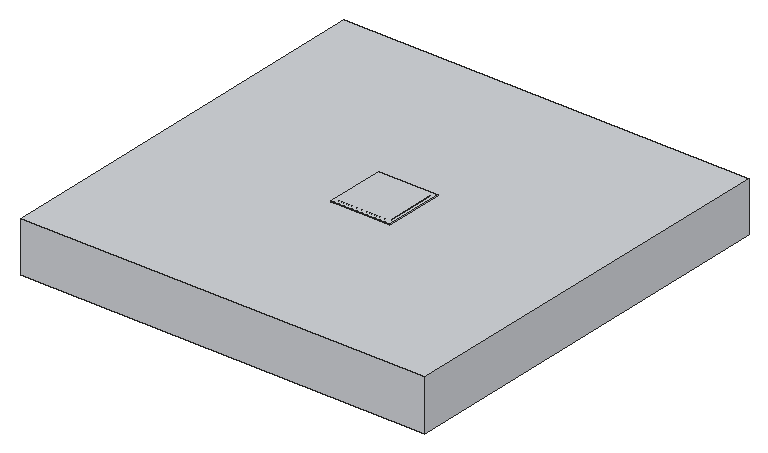
Revit family "Difusor de suprimento e retorno com Plenum combinado - Hospedado", category Terminais de ar, Revit 2019
Family settings
  Hospedeiro = Face
  Cota do conector redondo = Usar raio
  Tipo de parte = Normal
  Corte com vazios quando carregada = Não
  Compartilhado = Não
  Ponto de cálculo do ambiente = Não
Parameters (values of type "Padrão")
  UpFlowArrow [instance] = yes
  Altura total = 318 mm
  Comprimento do macho de torneira = 25 mm
  Altura de conexão da torneira = 200 mm
  RightFlowArrow [instance] = yes
  Queda de pressão [instance] = 0.0 Pa
  Largura da lâmina 4 = Largura da grelha * 4 / 5  # 284.8 mm
  Largura da lâmina 3 = Largura da grelha * 3 / 5  # 213.6 mm
  Largura da lâmina 2 = Largura da grelha * 2 / 5  # 142.4 mm
  Largura da lâmina 1 = Largura da grelha * 1 / 5  # 71.2 mm
  LeftFlowArrow [instance] = yes
  Largura da grelha = 356 mm
  Fluxo [instance] = 0.0 L/s
  Raio do duto = 75 mm
  Diâmetro do duto = Raio do duto * 2  # 150 mm
  DownFlowArrow [instance] = yes
  Largura do plenum = 249 mm
  Largura do difusor = Largura do plenum + 55 mm  # 304 mm
  Material do difusor = none
  Altura do difusor = 40 mm
  Elevação-padrão = 1200 mm
Reference planes
  plane 1 "Centro (frente/trás)": y = 0
  plane 2: z = 0
  plane 3 "Centro (direita/esquerda)": x = 0
  plane 4 "Direita superior do difusor": x = 124.5
  plane 5 "Esquerda superior do difusor": x = -124.5
  plane 6 "Traseira superior do difusor": y = 124.5
  plane 7 "Frente superior do difusor": y = -124.5
  plane 8 "Direita": x = 152
  plane 9 "Esquerda": x = -152
  plane 10 "Parte posterior": y = 152
  plane 11 "Parte frontal": y = -152
  plane 12 "Superior": z = 0
  plane 13 "Traseira da grelha": y = 178
  plane 14 "Frente da grelha": y = -178
  plane 15 "Direita da grelha": x = 178
  plane 16 "Esquerda da grelha": x = -178
  plane 17 "Parte inferior do difusor": z = -35
  plane 18 "Face da grelha": z = 5
  plane 19 "Traseira a lâmina 1": y = 35.6
  plane 20 "Frente da lâmina 1": y = -35.6
  plane 21 "Esquerda da lâmina 1": x = -35.6
  plane 22 "Direita da lâmina 1": x = 35.6
  plane 23 "Esquerda da lâmina 2": x = -71.2
  plane 24 "Direita da lâmina 2": x = 71.2
  plane 25 "Traseira da lâmina 2": y = 71.2
  plane 26 "Frente da lâmina 2": y = -71.2
  plane 27 "Esquerda da lâmina 3": x = -106.8
  plane 28 "Direita da lâmina 3": x = 106.8
  plane 29 "Traseira da lâmina 3": y = 106.8
  plane 30 "Frente da lâmina 3": y = -106.8
  plane 31 "Traseira da lâmina 4": y = 142.4
  plane 32 "Frente da lâmina 4": y = -142.4
  plane 33: x = -142.4
  plane 34: x = 142.4
  plane 35 "Inferior": z = -313
  plane 36 "Torneira direita": x = 149.5
  plane 37 "Torneira esquerda": x = -149.5
  plane 38 "Altura de conexão da torneira": z = -195
Forms (mm)
  Extrusion 1, solid
    sketch origin (0, 0, 0) x (1, 0, 0) y (0, 1, 0)
      loop
        line (-1218, 1219.2) -> (-1218, -1219.2) -> (1218, -1219.2) -> (1218, 1219.2) -> (-1218, 1219.2)
    from 0 to -304.8
  Extrusion 2, solid, material <- "Material do difusor"
    sketch origin (0, 0, 5) x (-1, 0, 0) y (0, -1, 0)
      loop
        line (178, -178) -> (178, 178) -> (-178, 178) -> (-178, -178) -> (178, -178)
    from 0 to -5
  Blend 3, solid, material <- "Material do difusor"
    base sketch origin (0, 0, 0) x (-1, 0, 0) y (0, -1, 0)
      loop
        line (152, -152) -> (152, 152) -> (-152, 152) -> (-152, -152) -> (152, -152)
    top sketch origin (0, 0, 0) x (-1, 0, 0) y (0, -1, 0)
      loop
        line (124.5, -124.5) -> (124.5, 124.5) -> (-124.5, 124.5) -> (-124.5, -124.5) -> (124.5, -124.5)
    from 0 to -35
  Extrusion 4, solid, material <- "Material do difusor"
    sketch origin (0, 0, -35) x (-1, 0, 0) y (0, -1, 0)
      loop
        line (124.5, -124.5) -> (124.5, 124.5) -> (-124.5, 124.5) -> (-124.5, -124.5) -> (124.5, -124.5)
    from 0 to -278
  Extrusion 5, solid, material <- "Material do difusor"
    sketch origin (0, 0, 0) x (0, 1, 0) y (0, 0, 1)
      loop
        circle (0, -195) r 75
    from 124.5 to 149.5
  Extrusion 6, solid, material <- "Material do difusor"
    sketch origin (0, 0, 0) x (0, 1, 0) y (0, 0, -1)
      loop
        circle (0, 195) r 75
    from 124.5 to 149.5
Lines and regions (mm)
  symbolic lines
    curve 1: line (-152, 152, 0) -> (152, -152, 0)
    curve 2: line (152, 152, 0) -> (-152, -152, 0)
    curve 3: line (-152, 152, 0) -> (152, 152, 0)
    curve 4: line (-152, -152, 0) -> (-152, 152, 0)
    curve 5: line (152, -152, 0) -> (-152, -152, 0)
    curve 6: line (152, 152, 0) -> (152, -152, 0)
  model lines
    curve 7: line (-35.6, 35.6, 5) -> (35.6, 35.6, 5)
    curve 8: line (-35.6, -35.6, 5) -> (-35.6, 35.6, 5)
    curve 9: line (35.6, -35.6, 5) -> (-35.6, -35.6, 5)
    curve 10: line (35.6, 35.6, 5) -> (35.6, -35.6, 5)
    curve 11: line (-71.2, 71.2, 5) -> (71.2, 71.2, 5)
    curve 12: line (-71.2, -71.2, 5) -> (-71.2, 71.2, 5)
    curve 13: line (71.2, -71.2, 5) -> (-71.2, -71.2, 5)
    curve 14: line (71.2, 71.2, 5) -> (71.2, -71.2, 5)
    curve 15: line (-106.8, 106.8, 5) -> (106.8, 106.8, 5)
    curve 16: line (-106.8, -106.8, 5) -> (-106.8, 106.8, 5)
    curve 17: line (106.8, -106.8, 5) -> (-106.8, -106.8, 5)
    curve 18: line (106.8, 106.8, 5) -> (106.8, -106.8, 5)
    curve 19: line (-142.4, 142.4, 5) -> (142.4, 142.4, 5)
    curve 20: line (-142.4, -142.4, 5) -> (-142.4, 142.4, 5)
    curve 21: line (142.4, -142.4, 5) -> (-142.4, -142.4, 5)
    curve 22: line (142.4, 142.4, 5) -> (142.4, -142.4, 5)
Dimensions and locks
  equal spacing: plane 9 "Esquerda", plane 3 "Centro (direita/esquerda)", plane 8 "Direita"
  "Largura do difusor": plane 9 "Esquerda" to plane 8 "Direita"
  equal spacing: plane 11 "Parte frontal", plane 1 "Centro (frente/trás)", plane 10 "Parte posterior"
  "Largura do difusor": plane 11 "Parte frontal" to plane 10 "Parte posterior"
  "Largura do difusor": nested 1 to plane 3 "Centro (direita/esquerda)"
  "Largura do difusor": plane 3 "Centro (direita/esquerda)" to nested 2
  "Largura do difusor": nested 4 to plane 1 "Centro (frente/trás)"
  "Largura do difusor": nested 3 to plane 1 "Centro (frente/trás)"
  equal spacing: plane 5 "Esquerda superior do difusor", plane 3 "Centro (direita/esquerda)", plane 4 "Direita superior do difusor"
  "Largura do plenum": plane 5 "Esquerda superior do difusor" to plane 4 "Direita superior do difusor"
  equal spacing: plane 7 "Frente superior do difusor", plane 1 "Centro (frente/trás)", plane 6 "Traseira superior do difusor"
  "Largura do plenum": plane 7 "Frente superior do difusor" to plane 6 "Traseira superior do difusor"
  equal spacing: plane 14 "Frente da grelha", plane 1 "Centro (frente/trás)", plane 13 "Traseira da grelha"
  "Largura da grelha": plane 14 "Frente da grelha" to plane 13 "Traseira da grelha"
  equal spacing: plane 16 "Esquerda da grelha", plane 3 "Centro (direita/esquerda)", plane 15 "Direita da grelha"
  "Largura da grelha": plane 16 "Esquerda da grelha" to plane 15 "Direita da grelha"
  "Altura do difusor": plane 18 "Face da grelha" to plane 17 "Parte inferior do difusor"
  locked: plane 18 "Face da grelha" to plane 12 "Superior" at 5
  equal spacing: plane 21 "Esquerda da lâmina 1", plane 3 "Centro (direita/esquerda)", plane 22 "Direita da lâmina 1"
  "Largura da lâmina 1": plane 21 "Esquerda da lâmina 1" to plane 22 "Direita da lâmina 1"
  equal spacing: plane 20 "Frente da lâmina 1", plane 1 "Centro (frente/trás)", plane 19 "Traseira a lâmina 1"
  "Largura da lâmina 1": plane 19 "Traseira a lâmina 1" to plane 20 "Frente da lâmina 1"
  "Largura da lâmina 2": plane 23 "Esquerda da lâmina 2" to plane 24 "Direita da lâmina 2"
  equal spacing: plane 23 "Esquerda da lâmina 2", plane 3 "Centro (direita/esquerda)", plane 24 "Direita da lâmina 2"
  "Largura da lâmina 2": plane 25 "Traseira da lâmina 2" to plane 26 "Frente da lâmina 2"
  equal spacing: plane 25 "Traseira da lâmina 2", plane 1 "Centro (frente/trás)", plane 26 "Frente da lâmina 2"
  "Largura da lâmina 3": plane 27 "Esquerda da lâmina 3" to plane 28 "Direita da lâmina 3"
  equal spacing: plane 27 "Esquerda da lâmina 3", plane 3 "Centro (direita/esquerda)", plane 28 "Direita da lâmina 3"
  equal spacing: plane 29 "Traseira da lâmina 3", plane 1 "Centro (frente/trás)", plane 30 "Frente da lâmina 3"
  "Largura da lâmina 3": plane 29 "Traseira da lâmina 3" to plane 30 "Frente da lâmina 3"
  equal spacing: plane 31 "Traseira da lâmina 4", plane 1 "Centro (frente/trás)", plane 32 "Frente da lâmina 4"
  "Largura da lâmina 4": plane 31 "Traseira da lâmina 4" to plane 32 "Frente da lâmina 4"
  equal spacing: plane 33, plane 3 "Centro (direita/esquerda)", plane 34
  "Largura da lâmina 4": plane 33 to plane 34
  "Altura total": plane 18 "Face da grelha" to plane 35 "Inferior"
  "Comprimento do macho de torneira": plane 36 "Torneira direita" to plane 4 "Direita superior do difusor"
  "Comprimento do macho de torneira": plane 5 "Esquerda superior do difusor" to plane 37 "Torneira esquerda"
  "Altura de conexão da torneira": plane 18 "Face da grelha" to plane 38 "Altura de conexão da torneira"
  "Raio do duto": radius of Extrusion 5 sketch curve
  "Raio do duto": radius of Extrusion 6 sketch curve
  aligned and locked: plane 2 to Extrusion 1
  aligned and locked: level to Extrusion 1
  aligned and locked: plane 11 "Parte frontal" to curve 2
  aligned and locked: plane 9 "Esquerda" to curve 2
  aligned and locked: plane 10 "Parte posterior" to curve 1
  aligned and locked: plane 9 "Esquerda" to curve 1
  aligned and locked: plane 8 "Direita" to curve 2
  aligned and locked: plane 10 "Parte posterior" to curve 2
  aligned and locked: plane 11 "Parte frontal" to curve 1
  aligned and locked: plane 8 "Direita" to curve 1
  aligned and locked: nested 1 to plane 1 "Centro (frente/trás)"
  aligned and locked: plane 1 "Centro (frente/trás)" to nested 2
  aligned and locked: nested 3 to plane 3 "Centro (direita/esquerda)"
  aligned and locked: plane 3 "Centro (direita/esquerda)" to nested 4
  aligned and locked: plane 2 to plane 12 "Superior"
  aligned and locked: Extrusion 2 sketch curve to plane 16 "Esquerda da grelha"
  aligned and locked: plane 14 "Frente da grelha" to Extrusion 2 sketch curve
  aligned and locked: Extrusion 2 sketch curve to plane 15 "Direita da grelha"
  aligned and locked: plane 13 "Traseira da grelha" to Extrusion 2 sketch curve
  aligned and locked: Extrusion 2 to plane 18 "Face da grelha"
  aligned and locked: Extrusion 2 to plane 12 "Superior"
  aligned and locked: Blend 3 sketch curve to plane 9 "Esquerda"
  aligned and locked: plane 10 "Parte posterior" to Blend 3 sketch curve
  aligned and locked: Blend 3 sketch curve to plane 8 "Direita"
  aligned and locked: plane 11 "Parte frontal" to Blend 3 sketch curve
  aligned and locked: plane 6 "Traseira superior do difusor" to Blend 3 sketch curve
  aligned and locked: Blend 3 sketch curve to plane 5 "Esquerda superior do difusor"
  aligned and locked: plane 7 "Frente superior do difusor" to Blend 3 sketch curve
  aligned and locked: Blend 3 sketch curve to plane 4 "Direita superior do difusor"
  aligned and locked: Blend 3 to plane 12 "Superior"
  aligned and locked: Blend 3 to plane 17 "Parte inferior do difusor"
  aligned and locked: curve 9 to plane 20 "Frente da lâmina 1"
  aligned and locked: plane 19 "Traseira a lâmina 1" to curve 7
  aligned and locked: curve 8 to plane 21 "Esquerda da lâmina 1"
  aligned and locked: plane 22 "Direita da lâmina 1" to curve 10
  aligned and locked: curve 13 to plane 26 "Frente da lâmina 2"
  aligned and locked: plane 25 "Traseira da lâmina 2" to curve 11
  aligned and locked: curve 12 to plane 23 "Esquerda da lâmina 2"
  aligned and locked: plane 24 "Direita da lâmina 2" to curve 14
  aligned and locked: curve 17 to plane 30 "Frente da lâmina 3"
  aligned and locked: plane 29 "Traseira da lâmina 3" to curve 15
  aligned and locked: curve 16 to plane 27 "Esquerda da lâmina 3"
  aligned and locked: plane 28 "Direita da lâmina 3" to curve 18
  aligned and locked: curve 21 to plane 32 "Frente da lâmina 4"
  aligned and locked: plane 33 to curve 20
  aligned and locked: curve 22 to plane 34
  aligned and locked: plane 31 "Traseira da lâmina 4" to curve 19
  aligned and locked: Extrusion 4 sketch curve to plane 5 "Esquerda superior do difusor"
  aligned and locked: plane 6 "Traseira superior do difusor" to Extrusion 4 sketch curve
  aligned and locked: Extrusion 4 sketch curve to plane 4 "Direita superior do difusor"
  aligned and locked: plane 7 "Frente superior do difusor" to Extrusion 4 sketch curve
  aligned and locked: Extrusion 4 to plane 17 "Parte inferior do difusor"
  aligned and locked: Extrusion 4 to plane 35 "Inferior"
  aligned and locked: plane 38 "Altura de conexão da torneira" to Extrusion 5 sketch curve
  aligned and locked: plane 1 "Centro (frente/trás)" to Extrusion 5 sketch curve
  aligned and locked: Extrusion 5 to plane 4 "Direita superior do difusor"
  aligned and locked: Extrusion 5 to plane 36 "Torneira direita"
  aligned and locked: Extrusion 6 to plane 5 "Esquerda superior do difusor"
  aligned and locked: Extrusion 6 to plane 37 "Torneira esquerda"
Automatic sketch dimensions
  Extrusion 1 sketch curve to Extrusion 1 sketch curve = 2436 mm
  Extrusion 1 sketch curve to Extrusion 1 sketch curve = 2438.4 mm
  Extrusion 6 sketch curve to plane 1 "Centro (frente/trás)" = 0 mm
  Extrusion 6 sketch curve to plane 38 "Altura de conexão da torneira" = 0 mm
Nested families
  nested 1: "Seta do terminal do duto" at (-304, 0, 0) x (-1, 0, 0) z (0, 0, 1), visible <- "LeftFlowArrow", type "Seta do terminal do duto"
  nested 2: "Seta do terminal do duto" at (304, 0, 0), visible <- "RightFlowArrow", type "Seta do terminal do duto"
  nested 3: "Seta do terminal do duto" at (0, -304, 0) x (0, 1, 0) z (0, 0, 1), visible <- "UpFlowArrow", type "Seta do terminal de duto 2"
  nested 4: "Seta do terminal do duto" at (0, 304, 0) x (0, -1, 0) z (0, 0, 1), visible <- "DownFlowArrow", type "Seta do terminal de duto 2"
Connectors
  hvac at (149.5, 0, -195), driven by "Queda de pressão", driven by "Fluxo", driven by "Raio do duto"
    settings: on Extrusion 5, index 1, duct flow 0.0 L/s, flow factor 0, pres drop 0.0 Pa, loss coef 0, conn angle 0.00°, conn width 304.8 mm, conn height 304.8 mm, conn diameter 150 mm, duct sys type 2, conn prof type 0, flow config 1, flow direction 2, loss method 4, conn ref index -1, conn util no, is conn primary yes, conn desc "Saída de ar"
  hvac at (-149.5, 0, -195), driven by "Queda de pressão", driven by "Fluxo", driven by "Raio do duto"
    settings: on Extrusion 6, index 2, duct flow 0.0 L/s, flow factor 0, pres drop 0.0 Pa, loss coef 0, conn angle 0.00°, conn width 304.8 mm, conn height 304.8 mm, conn diameter 150 mm, duct sys type 1, conn prof type 0, flow config 1, flow direction 1, loss method 4, conn ref index -1, conn util no, is conn primary no, conn desc "Entrada de ar"
Definition of nested family "Seta do terminal do duto"
  Parameters
    Largura = 600 mm
    Visibilidade 1 = yes
    Visibilidade 2 = no
    Comprimento 4 = (Meio comprimento 1 - Comprimento 5 * sin(20.00°) * 4) / 2  # 70.515 mm
    Comprimento 5 = Comprimento 2 * tan(20.00°)  # 116.199 mm
    Comprimento 3 = Comprimento 2 * 0.5  # 159.627 mm
    Comprimento 2 = Meio comprimento 1 / cos(20.00°)  # 319.253 mm
    Comprimento 1 = if(Altura > Largura, Altura, Largura)  # 600 mm
    Altura = 600 mm
    Meio comprimento 1 = Comprimento 1 * 0.5  # 300 mm
    Assembly Code = ""
  Reference planes
    plane 1 "Centro (Frente/Trás)": y = 0
    plane 2: z = 0
    plane 3 "Centro (Esquerda/Direita)": x = 0
  Lines and regions (mm)
    Filled region 1, type "Tijolo", in view "Nível de referência", visible <- "Visibilidade 1"
      outline origin (0, 0, 0) x (1, 0, 0) y (0, 1, 0)
        loop
          line (600, 0) -> (300, 109.191) -> (300, -109.191) -> (600, 0)
    Filled region 2, type "Preenchimento sólido - Preto", in view "Nível de referência", visible <- "Visibilidade 2"
      outline origin (0, 0, 0) x (1, 0, 0) y (0, 1, 0)
        loop
          line (-300, 109.191) -> (-300, -109.191) -> (0, 0) -> (-300, 109.191)
    detail lines, in view "Nível de referência", visible <- "Visibilidade 1"
      curve 1: line (0, 0, 0) -> (600, 0, 0)
      curve 2: line (600, 0, 0) -> (300, 109.191, 0)
      curve 3: line (600, 0, 0) -> (300, -109.191, 0)
      curve 4: line (300, 109.191, 0) -> (300, -109.191, 0)
    detail lines, in view "Nível de referência", visible <- "Visibilidade 2"
      curve 5: line (-300, 0, 0) -> (0, 0, 0)
      curve 6: line (0, 0, 0) -> (-300, 109.191, 0)
      curve 7: line (0, 0, 0) -> (-300, -109.191, 0)
      curve 8: line (-300, 109.191, 0) -> (-300, -109.191, 0)
      curve 9: line (-300, 0, 0) -> (-370.515, 0, 0)
      curve 10: line (-370.515, 0, 0) -> (-410.258, 109.191, 0)
      curve 11: line (-450, 0, 0) -> (-410.258, 109.191, 0)
      curve 12: line (-450, 0, 0) -> (-489.742, -109.191, 0)
      curve 13: line (-529.485, 0, 0) -> (-489.742, -109.191, 0)
      curve 14: line (-529.485, 0, 0) -> (-600, 0, 0)
  Dimensions and locks
    "Comprimento 1": curve 1 to curve 1
    "Comprimento 2": curve 2 to curve 2
    "Comprimento 2": curve 3 to curve 3
    "Meio comprimento 1": curve 5 to curve 5
    "Comprimento 2": curve 6 to curve 6
    "Comprimento 2": curve 7 to curve 7
    "Comprimento 4": curve 9 to curve 9
    "Comprimento 5": curve 10 to curve 10
    "Comprimento 5": curve 11 to curve 11
    "Comprimento 5": curve 12 to curve 12
    "Comprimento 5": curve 13 to curve 13
    "Comprimento 4": curve 14 to curve 14
    locked: curve 2 to curve 1 (angle 20.00°)
    locked: curve 6 to curve 5 (angle 20.00°)
    locked: curve 9 to curve 10 (angle 110.00°)
    locked: curve 11 to curve 12 (angle 180.00°)
    aligned and locked: plane 1 "Centro (Frente/Trás)" to curve 1
    aligned and locked: Filled region 1 sketch curve to curve 2
    aligned and locked: Filled region 1 sketch curve to curve 3
    aligned and locked: Filled region 1 sketch curve to curve 4
    aligned and locked: plane 1 "Centro (Frente/Trás)" to curve 5
    aligned and locked: plane 3 "Centro (Esquerda/Direita)" to curve 5
    aligned and locked: Filled region 2 sketch curve to curve 8
    aligned and locked: Filled region 2 sketch curve to curve 6
    aligned and locked: Filled region 2 sketch curve to curve 7
    aligned and locked: curve 14 to plane 1 "Centro (Frente/Trás)"
  Automatic sketch dimensions
    plane 1 "Centro (Frente/Trás)" to curve 12 = 0 mm
Types in the file's own list only (6): name | Altura total | Altura de conexão da torneira | Largura da lâmina 4 | Largura da lâmina 3 | Largura da lâmina 2 | Largura da lâmina 1 | Largura da grelha | Raio do duto | Diâmetro do duto | Largura do plenum | Largura do difusor
  356 x 356 | 318 mm | 231 mm | 285 mm | 214 mm | 142 mm | 71 mm | 356 mm | 63 mm | 125 mm | 304 mm | 359 mm
  412 x 412 | 428 mm | 328 mm | 330 mm | 247 mm | 165 mm | 82 mm | 412 mm | 75 mm | 150 mm | 360 mm | 415 mm
  468 x 468 | 428 mm | 303 mm | 374 mm | 281 mm | 187 mm | 94 mm | 468 mm | 100 mm | 200 mm | 416 mm | 471 mm
  498 x 498 | 450 mm | 325 mm | 398 mm | 299 mm | 199 mm | 100 mm | 498 mm | 100 mm | 200 mm | 446 mm | 501 mm
  598 x 598 | 550 mm | 375 mm | 478 mm | 359 mm | 239 mm | 120 mm | 598 mm | 150 mm | 300 mm | 546 mm | 601 mm
  623 x 623 | 550 mm | 375 mm | 498 mm | 374 mm | 249 mm | 125 mm | 623 mm | 150 mm | 300 mm | 571 mm | 626 mm
